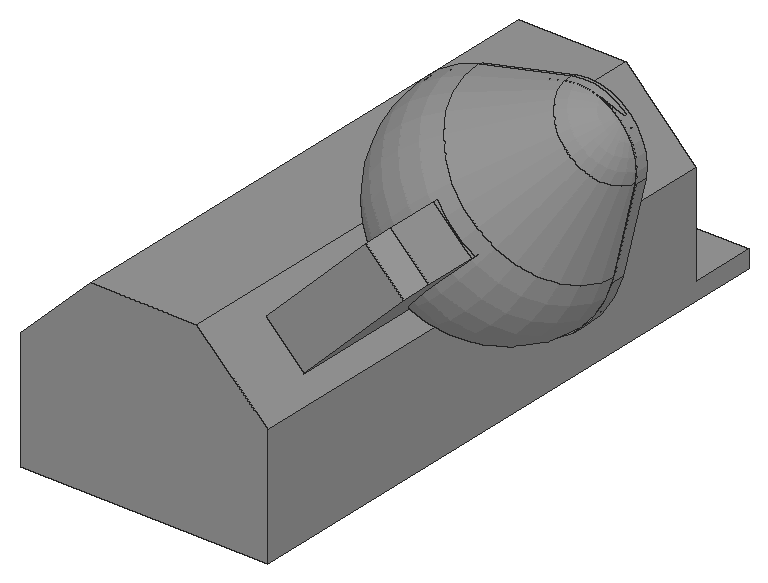
Revit family "Combination-Willoughby-ECW-1546-R-ON", category Plumbing Fixtures, Revit 2015
Parameters (values of type "Standard")
  Waste DIA = 2 3/8"
  Waste Connection = yes
  Vent Connection = no
  URL = "https://www.willoughby-ind.com/wp-content/uploads/2017/05/1546.pdf"
  Revision = "A"
  Model = "ECW-1546-R-ON"
  Manufacturer = "Willoughby Industries"
  Lav Waste DIA = 1 1/2"
  Lav Waste Connection = yes
  HW Connection = no
  Flush Inlet DIA = 1 1/2"
  Flush Inlet Connection = yes
  Fixture Body = Stainless Steel AISI 304-Willoughby
  Description = "1546 Combination Unit, Wall toilet waste outlet, Right toilet, On Floor mounted"
  Default Elevation = 0' - 0"
  Contact = "(800) 428-4065"
  CW Connection = no
Reference planes (in)
  plane 1 "Center (Front/Back)": y = 0
  plane 2: z = 0
  plane 3 "Center (Left/Right)": x = 0
  plane 4: z = 11.5
  plane 5: z = 6.5
  plane 6: through (4.45954, 0, 8.54046) normal (0.7071, 0, -0.7071)
  plane 7: through (7.5, 0, 7.25) normal (0.7071, 0, -0.7071)
  plane 8: through (3.25, 0, 11.5) normal (0.7071, 0, -0.7071)
  plane 9: through (23.72511, -5.96161, 14.43697) normal (0.7071, 0, 0.7071)
  plane 10: through (22.28998, -5.96161, 22.7664) normal (0.7071, 0, 0.7071)
  plane 11: through (16.08865, -5.96161, 24.35355) normal (0.7071, 0, -0.7071)
  plane 12: through (11.84601, -5.96161, 28.59619) normal (0.7071, 0, -0.7071)
  plane 13: through (-9.40795, -6.21161, -1.27564) normal (0.7071, 0, -0.7071)
  plane 14: through (-13.78317, -6.21161, 3.09958) normal (0.7071, 0, -0.7071)
  plane 15: z = -3
Forms (in)
  Extrusion 1, solid, material "Stainless Steel AISI 304-Willoughby" <- "Fixture Body"
    sketch origin (0, -0.00023, 8.50754) x (1, 0, 0) y (0, 0, 1)
      loop
        line (7.5, 7.25) -> (3.24257, 11.5) -> (-3.24629, 11.5) -> (-7.5, 7.25) -> (-7.5, 0) -> (7.5, 0) -> (7.5, 7.25)
    from -11.28861 to 21.21094
  Extrusion 2, solid, material "Stainless Steel AISI 304-Willoughby" <- "Fixture Body"
    sketch origin (0, -0.00023, 8.50754) x (0, 1, 0) y (0, 0, 1)
      loop
        line (11.28861, 0) -> (15.28861, 0) -> (15.28861, 1.0625) -> (11.28861, 1.0625) -> (11.28861, 0)
    from 7.5 to -7.5
  Extrusion 3, void
    sketch origin (-58.09039, 11.28839, 56.50754) x (1, 0, 0) y (0, 0, 1)
      loop
        line (64.11615, -41.02576) -> (60.98371, -37.89332)
        arc (60.98371, -37.89332) -> (60.54805, -37.60222) -> (60.03415, -37.5) r 1.34289
        line (60.03415, -37.5) -> (58.09039, -37.5) -> (56.14663, -37.5)
        arc (56.14663, -37.5) -> (55.63273, -37.60222) -> (55.19707, -37.89332) r 1.34289
        line (55.19707, -37.89332) -> (52.06463, -41.02576)
        arc (52.06463, -41.02576) -> (51.67735, -41.81109) -> (51.84818, -42.66989) r 1.36204
        line (51.84818, -42.66989) -> (53.44605, -45.4375)
        arc (53.44605, -45.4375) -> (53.62907, -45.62051) -> (53.87907, -45.6875) r 0.5
        line (53.87907, -45.6875) -> (58.09039, -45.6875) -> (62.30172, -45.6875)
        arc (62.30172, -45.6875) -> (62.55172, -45.62051) -> (62.73473, -45.4375) r 0.5
        line (62.73473, -45.4375) -> (64.33261, -42.66989)
        arc (64.33261, -42.66989) -> (64.50343, -41.81109) -> (64.11615, -41.02576) r 1.36204
    from 6 to 0
  Revolve 4, solid, material "Stainless Steel AISI 304-Willoughby" <- "Fixture Body"
    sketch origin (0, 3.03839, -3.49246) x (0, 0, -1) y (-1, 0, 0)
      loop
        line (-12, 0) -> (-14, 0) -> (-14, -0.75) -> (-9, -0.75) -> (-9, 0) -> (-12, 0)
      axis (-14, 0) -> (-9, 0)
    angle from 0 to 360
  Revolve 5, solid, material "Stainless Steel AISI 304-Willoughby" <- "Fixture Body"
    sketch origin (0, -9.71161, 0.17677) x (0, 0, -1) y (-1, 0, 0)
      loop
        line (-10.39326, 1) -> (-5.328, 1) -> (-5.328, 2.1875) -> (-10.39326, 2.1875) -> (-10.39326, 1)
      axis (-10.39326, 1) -> (-5.328, 1)
    angle from 0 to 360
  Revolve 6, solid, material "Stainless Steel AISI 304-Willoughby" <- "Fixture Body"
    sketch origin (9.75, -0.71161, 0.17677) x (0, 0, -1) y (-1, 0, 0)
      loop
        line (-8.31025, 4.875) -> (-8.31025, 5.625) -> (-9.83076, 5.625) -> (-9.83076, 4.875) -> (-8.31025, 4.875)
      axis (-9.83076, 4.875) -> (-8.31025, 4.875)
    angle from 0 to 360
  Revolve 7, solid, material "Stainless Steel AISI 304-Willoughby" <- "Fixture Body"
    sketch origin (1.3306, -6.46161, 13.83814) x (-0.707107, 0, -0.707107) y (-0.707107, 0, 0.707107)
      loop
        arc (-16.25875, -6.02566) -> (-9.22764, -6.08019) -> (-5.69625, 0) r 7
        line (-5.69625, 0) -> (-6.19625, 0)
        arc (-6.19625, 0) -> (-9.4731, -5.64458) -> (-15.99973, -5.59794) r 6.5
        line (-15.99973, -5.59794) -> (-20.8721, -2.57392)
        arc (-20.8721, -2.57392) -> (-21.91777, -1.47245) -> (-22.28998, 0) r 3
        line (-22.28998, 0) -> (-22.79, 0)
        arc (-22.79, 0) -> (-22.35472, -1.71553) -> (-21.13577, -2.99875) r 3.5
        line (-21.13577, -2.99875) -> (-16.25875, -6.02566)
      axis (-22.79, 0) -> (-5.69625, 0)
    angle from 0 to 180
  Extrusion 8, solid, material "Stainless Steel AISI 304-Willoughby" <- "Fixture Body"
    sketch origin (2.2853, -6.46161, 14.74864) x (-0.707107, 0, -0.707107) y (-0.707107, 0, 0.707107)
      loop
        arc (-14.77196, -6.11947) -> (-9.23218, -6.67142) -> (-5.04151, -3.00645) r 7.00033
        line (-5.04151, -3.00645) -> (-4.39495, -3.00645) -> (-4.39495, 3.00396) -> (-5.07189, 3.00396)
        arc (-5.07189, 3.00396) -> (-9.33611, 6.63827) -> (-14.89954, 5.97491) r 6.99187
        line (-14.89954, 5.97491) -> (-19.87681, 2.91569)
        arc (-19.87681, 2.91569) -> (-21.47168, -0.03249) -> (-19.87681, -2.98068) r 3.52237
        line (-19.87681, -2.98068) -> (-14.77196, -6.11947)
      loop
        line (-18.81117, -1.66301) -> (-13.51645, -3.91998)
        arc (-13.51645, -3.91998) -> (-6.61811, -0.03249) -> (-13.51645, 3.855) r 4.54455
        line (-13.51645, 3.855) -> (-18.81117, 1.59802)
        arc (-18.81117, 1.59802) -> (-19.69135, -0.03249) -> (-18.81117, -1.66301) r 1.95034
    from 0.25 to -0.5
  Extrusion 9, solid, material "Stainless Steel AISI 304-Willoughby" <- "Fixture Body"
    sketch origin (4.2903, -6.21161, 16.79784) x (0, 1, 0) y (0.707107, 0, 0.707107)
      loop
        line (-6.74564, 11.11058) -> (-9.99564, 11.11058) -> (-11, 10.10622) -> (-11, 1.53399) -> (-0.75, 1.53399) -> (-0.75, 1.86803)
        arc (-0.75, 1.86803) -> (-5.87123, 5.08059) -> (-6.30349, 11.11058) r 6.68108
        line (-6.30349, 11.11058) -> (-6.74564, 11.11058)
    from 1.625 to -1.625
Cuts and joins
  Extrusion 3 cuts Extrusion 1
  joined: Extrusion 1, Extrusion 2
Lines and regions (in)
  symbolic lines
    curve 1: line (-7.48893, 0, 0) -> (7.5, 0, 0)
    curve 2: line (7.5, 0, 0) -> (7.5, 0, 7.25)
    curve 3: line (7.5, 0, 7.25) -> (3.25, 0, 11.5)
    curve 4: line (3.25, 0, 11.5) -> (-3.24629, 0, 11.5)
    curve 5: line (-3.24629, 0, 11.5) -> (-7.48893, 0, 7.25736)
    curve 6: line (-7.48893, 0, 7.25736) -> (-7.48893, 0, 0)
    curve 25: line (0, -21.21139, 0) -> (0, 15.28861, 0)
    curve 26: line (0, 15.28861, 0) -> (0, 15.28861, 1.0625)
    curve 27: line (0, 15.28861, 1.0625) -> (0, 11.28861, 1.0625)
    curve 28: line (0, 11.28861, 1.0625) -> (0, 11.28861, 11.5)
    curve 29: line (0, 11.28861, 11.5) -> (0, -21.21139, 11.5)
    curve 30: line (0, -21.21139, 11.5) -> (0, -21.21139, 0)
    curve 31: line (0, -6.21139, 7.25) -> (0, -6.21139, 23.53997)
    curve 32: line (0, -6.21139, 23.53997) -> (0, -6.96139, 23.53997)
    curve 33: arc (0, -6.96139, 23.53997) -> (0, -8.04549, 23.1896) -> (0, -8.96615, 22.51849) r 3.60579
    curve 34: line (0, -8.96615, 22.51849) -> (0, -11.17074, 20.56357)
    curve 35: arc (0, -11.17074, 20.56357) -> (0, -12.09401, 19.55613) -> (0, -12.79046, 18.38042) r 6.61196
    curve 36: line (0, -12.51488, 18.38042) -> (0, -16.20703, 18.38042)
    curve 37: line (0, -16.20703, 18.38042) -> (0, -17.21139, 17.67023)
    curve 38: line (0, -17.21139, 17.67023) -> (0, -17.21139, 8.22595)
    curve 39: line (0, -17.21139, 8.22595) -> (0, -6.96139, 8.22595)
    curve 40: line (0, -6.96139, 7.25) -> (0, -6.96139, 8.3818)
    curve 41: arc (0, -6.96139, 8.3818) -> (0, -10.55561, 9.69216) -> (0, -12.91251, 12.70554) r 6.95259
    curve 42: line (0, -17.21139, 15.37213) -> (0, -16.20703, 16.08232)
    curve 43: line (0, -16.20703, 16.08232) -> (0, -12.73595, 16.08232)
    curve 44: arc (0, -12.73595, 16.08232) -> (0, -12.95611, 17.23137) -> (0, -12.73595, 18.38042) r 3.10871
    curve 45: arc (0, -12.73595, 16.08232) -> (0, -13.19938, 14.41355) -> (0, -12.91251, 12.70554) r 3.9924
    curve 46: line (0, -6.96139, 7.25) -> (0, -6.21139, 7.25)
  symbolic lines, detail levels medium+fine
    curve 7: line (-7.48893, 0, 1.0625) -> (7.5, 0, 1.0625)
  symbolic lines, detail levels fine
    curve 8: line (4.64434, 0, 2.5625) -> (6.24222, 0, 5.33011)
    curve 9: line (6.02576, 0, 6.97424) -> (2.89332, 0, 10.10668)
    curve 10: line (1.94376, 0, 10.5) -> (-1.94376, 0, 10.5)
    curve 11: line (-2.89332, 0, 10.10668) -> (-6.02576, 0, 6.97424)
    curve 12: line (-6.24222, 0, 5.33011) -> (-4.64434, 0, 2.5625)
    curve 13: line (-4.21132, 0, 2.3125) -> (4.21132, 0, 2.3125)
    curve 14: arc (4.21132, 0, 2.3125) -> (4.46132, 0, 2.37949) -> (4.64434, 0, 2.5625) r 0.5
    curve 15: arc (6.24222, 0, 5.33011) -> (6.41304, 0, 6.18891) -> (6.02576, 0, 6.97424) r 1.36204
    curve 16: arc (2.89332, 0, 10.10668) -> (2.45766, 0, 10.39778) -> (1.94376, 0, 10.5) r 1.34289
    curve 17: arc (-1.94376, 0, 10.5) -> (-2.45766, 0, 10.39778) -> (-2.89332, 0, 10.10668) r 1.34289
    curve 18: arc (-6.02576, 0, 6.97424) -> (-6.41304, 0, 6.18891) -> (-6.24222, 0, 5.33011) r 1.36204
    curve 19: arc (-4.64434, 0, 2.5625) -> (-4.46132, 0, 2.37949) -> (-4.21132, 0, 2.3125) r 0.5
    curve 20: line (15.67616, 0, 14.13422) -> (17.82417, 0, 19.47408)
    curve 21: arc (17.82417, 0, 19.47408) -> (17.77002, 0, 20.47102) -> (17.22962, 0, 21.31054) r 1.95034
    curve 22: arc (17.22962, 0, 21.31054) -> (16.43043, 0, 21.75117) -> (15.51827, 0, 21.77997) r 1.95034
    curve 23: line (15.51827, 0, 21.77997) -> (10.17842, 0, 19.63196)
    curve 24: arc (10.17842, 0, 19.63196) -> (8.04942, 0, 12.00523) -> (15.67616, 0, 14.13422) r 4.54455
Dimensions and locks (in)
  level to plane 4 = 0' - 11 1/2"
  level to plane 5 = 0' - 6 1/2"
  plane 11 to plane 12 = 0' - 6"
  aligned and locked: Extrusion 8 to Extrusion 9
Connectors (in)
  piping at (0, 3.03839, 5.50754), diameter 1.5, driven by "Lav Waste DIA", driven by "Lav Waste Connection"
    settings: on Revolve 4, index 1, connector inside diameter 24", connector length 0' - 0", flow factor 0, pipe flow 0 GPM, pressure drop 0.00 psi, fitting loss kfactor 0, connector angle 0.00°, fixture units 0, engagement length 0' - 0", angle of deflection 0.00°, flow configuration 0, flow direction 2, fitting loss method 0, system type 16, joint type 0, gender type 0, connector reference index -1, connector utility 1, adjustable connector no, is connector primary yes, connector description "Sink Waste"
  piping at (4.875, -0.71161, 8.48703), diameter 1.5, driven by "Flush Inlet DIA", driven by "Flush Inlet Connection"
    settings: on Revolve 6, index 2, connector inside diameter 24", connector length 0' - 0", flow factor 0, pipe flow 0 GPM, pressure drop 0.00 psi, fitting loss kfactor 0, connector angle 0.00°, fixture units 0, engagement length 0' - 0", angle of deflection 0.00°, flow configuration 0, flow direction 1, fitting loss method 0, system type 20, joint type 0, gender type 0, connector reference index -1, connector utility 1, adjustable connector no, is connector primary no, connector description "Flush Inlet"
  piping at (-1, -9.71161, 5.50477), diameter 2.375, driven by "Waste Connection", driven by "Waste DIA"
    settings: on Revolve 5, index 3, connector inside diameter 24", connector length 0' - 0", flow factor 0, pipe flow 0 GPM, pressure drop 0.00 psi, fitting loss kfactor 0, connector angle 0.00°, fixture units 0, engagement length 0' - 0", angle of deflection 0.00°, flow configuration 0, flow direction 2, fitting loss method 0, system type 16, joint type 0, gender type 0, connector reference index -1, connector utility 1, adjustable connector no, is connector primary no, connector description "Toilet Waste"
